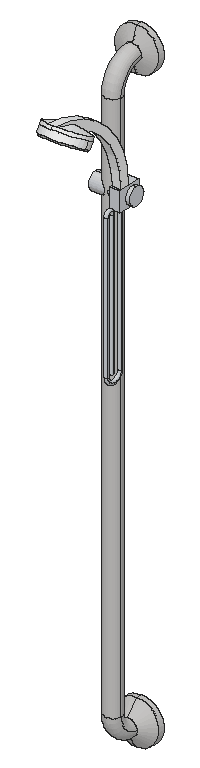
Revit family
Parameters
  Weight Limit = 0
  Warranty Duration (Years) = 0
  Unit Weight = 5.58
  Unit Height = 3' - 8 1/8"
  URL = "http://www.pontegiulio.com"
  Trim Radius = 0' - 1 5/8"
  Specification = "http://www.arcat.com/sd/clients/pontegiu.html?coid=43483"
  Send Message = "http://www.arcat.com/users.pl?action=UserEmail&company=Ponte%20Giulio&coid=43483&rep=132&fax=877-766-8306&mf="
  Sales Information = "http://www.pontegiulio.it/us/info.php"
  Revision = "R1_01-2010"
  Return Radius = 0' - 1 9/16"
  Product Properties = "http://www.pgdb.it/schede/us/G02JOSxx01_us.pdf"
  Product Data = "http://www.arcat.com/arcatcos/cos43/arc43483.html"
  Model = "Grab Bar as Specified in 10 28 13"
  Manufacturer's Notes = ""
  Manufacturer Website = "http://www.pontegiulio.com"
  Manufacturer Phone - Toll Free = "877-766-8301 "
  Manufacturer Fax = "877-766-8306"
  Manufacturer Address = "W241 S4021 Rockwood Circle, Waukesha, WI 53189"
  Manufacturer = "Ponte Giulio"
  Maintenance Schedule (Months) = 0
  Keynote = "10 28 13"
  Installation-Fabrication = ""
  Installation Phase = ""
  Green Building-LEED = "http://www.arcat.com/green/clients/leed_data_43483.html"
  Expected Lifespan (Years) = 0
  Drawn By = "Robert S. Weygant, CSI, CDT, SCIP"
  Diameter = 0' - 1 5/16"
  Description = "Grab Bar as Specified in 10 28 13"
  Default Elevation = 2' - 0"
  Copyright = "2010 ARCAT, Inc"
  Construction Details = ""
  Clear Space From Wall = 0' - 2 5/8"
  Building Codes = ""
  Bath Fixture Material [instance] = Colour - N1 - Stainless Steel
  Assembly Code = "C1030200"
  AK_Include Optional Component - Y91JOSN108 Shower Head = yes
  AK_Include Optional Component - Y91JOSN107 Flex Hose = yes
  AK_Hand Shower Holder Finish = none
  AK_Flex Hose Finish = none
  AK_Code Compliance = "UNI"
Reference planes (in)
  plane 1 "Center (Front/Back)": y = 0
  plane 2: z = 0
  plane 3 "Center (Left/Right)": x = 0
  plane 4: y = -3.25
  plane 5: y = -2
  plane 6 "Center Elevation": z = 24
  plane 7: z = 68.125
  plane 8: x = -1.25
  plane 9: x = 1.75
  plane 10: x = 0.65728
  plane 11: z = 60.82175
  plane 12: z = 59.32175
  plane 13: y = -2.625
Forms (in)
  Sweep 1, solid, material "Colour - N1 - Stainless Steel" <- "Bath Fixture Material"
    path origin (0, 0, 24) x (0, 0, 1) y (0, 1, 0)
      loop
        line (0, 0) -> (0, -1.0625)
        arc (0, -1.0625) -> (0.45765, -2.16735) -> (1.5625, -2.625) r 1.5625
        line (1.5625, -2.625) -> (42.15625, -2.625)
        arc (42.15625, -2.625) -> (43.54837, -2.04837) -> (44.125, -0.65625) r 1.96875
        line (44.125, -0.65625) -> (44.125, 0)
    profile origin (0, -0.53125, 24) x (0, 0, 1) y (-1, 0, 0)
      loop
        circle (0, 0) r 0.625
  Revolve 2, solid, material "Colour - N1 - Stainless Steel" <- "Bath Fixture Material"
    sketch origin (0, 0, 24) x (0, 0, 1) y (0, 1, 0)
      loop
        line (0, 0) -> (0, -1.21875) -> (0.625, -1.21875) -> (1.625, -0.40625) -> (1.625, 0) -> (0, 0)
      axis (0, -1.21875) -> (0, 0)
    angle from 0 to 360
  Revolve 3, solid, material "Colour - N1 - Stainless Steel" <- "Bath Fixture Material"
    sketch origin (0, 0, 72) x (0, 0, 1) y (0, 1, 0)
      loop
        line (-3.875, 0) -> (-3.875, -0.8125) -> (-3.25, -0.8125) -> (-2.25, -0.40625) -> (-2.25, 0) -> (-3.875, 0)
      axis (-3.875, -0.8125) -> (-3.875, 0)
    angle from 0 to 360
  Extrusion 4, solid, material <- "AK_Hand Shower Holder Finish"
    sketch origin (0, 0, 0) x (0, 1, 0) y (0, 0, 1)
      loop
        circle (-2.62384, 60.07175) r 0.625
    from -1.25 to 1.75
  Extrusion 5, solid, material <- "AK_Hand Shower Holder Finish"
    sketch origin (0.00103, 0, 59.32175) x (1, 0, 0) y (0, 1, 0)
      loop
        line (0.65625, -3.71875) -> (1.40625, -3.71875) -> (1.40625, -1.96875) -> (0.65625, -1.96875) -> (0.65625, -3.71875)
    from 0 to 1.5
  Extrusion 6, solid, material "Default", visible <- "AK_Include Optional Component - Y91JOSN108 Shower Head"
    sketch origin (-4.125, 47.01545, 34.01209) x (1, 0, 0) y (0, -0.866025, 0.5)
      loop
        circle (5.21142, 64.05902) r 1.5
    from 0 to 0.125
  Extrusion 7, solid, material "Chrome", visible <- "AK_Include Optional Component - Y91JOSN108 Shower Head"
    sketch origin (0.75, 1.75223, 0) x (0, 1, 0) y (0, 0, 1)
      loop
        arc (-4.71875, 60.82175) -> (-6.61271, 65.47709) -> (-11.21875, 67.48799) r 6.66836
        line (-11.21875, 67.48799) -> (-8.45829, 65.89424) -> (-8.10198, 65.89424)
        arc (-8.10198, 65.89424) -> (-6.0779, 63.7087) -> (-5.34375, 60.82175) r 6.04336
        line (-5.34375, 60.82175) -> (-4.71875, 60.82175)
    from 0 to 0.625
  Extrusion 8, solid, material "Chrome", visible <- "AK_Include Optional Component - Y91JOSN108 Shower Head"
    sketch origin (-4.125, 47.26545, 34.4451) x (1, 0, 0) y (0, -0.866025, 0.5)
      loop
        circle (5.21142, 64.05902) r 1.59375
    from 0 to 0.5
  Revolve 9, solid, material "Chrome", visible <- "AK_Include Optional Component - Y91JOSN108 Shower Head"
    sketch origin (1.0625, 1.62723, -0.21651) x (0, 1, 0) y (0, 0, 1)
      loop
        line (-9.83852, 66.69111) -> (-8.45829, 65.89424) -> (-8.33329, 66.11075) -> (-9.31309, 67.10118) -> (-9.5296, 67.22618) -> (-9.83852, 66.69111)
      axis (-9.83852, 66.69111) -> (-9.5296, 67.22618)
    angle from 0 to 360
  Sweep 10, solid, material <- "AK_Flex Hose Finish", visible <- "AK_Include Optional Component - Y91JOSN107 Flex Hose"
    path origin (1.0625, 0, 0) x (0, 1, 0) y (0, 0, 1)
      loop
        line (-3.27902, 60.82175) -> (-3.27902, 48.82175)
        arc (-3.27902, 48.82175) -> (-3.90402, 48.19675) -> (-4.52902, 48.82175) r 0.625
        line (-4.52902, 48.82175) -> (-4.52902, 59.32175)
        arc (-4.52902, 59.32175) -> (-4.27902, 59.57175) -> (-4.02902, 59.32175) r 0.25
        line (-4.02902, 59.32175) -> (-4.02902, 48.82175)
    profile origin (1.0625, -3.27902, 54.82175) x (1, 0, 0) y (0, 1, 0)
      loop
        circle (0, -0.00223) r 0.125
Dimensions and locks (in)
  plane 4 to plane 1 "Center (Front/Back)" = 0' - 3 1/4"
  plane 5 to plane 1 "Center (Front/Back)" = 0' - 2"
  Sweep 1 sketch curve to Sweep 1 sketch curve = 0' - 1 1/4"
  locked: plane 7 to plane 6 "Center Elevation" at 44.125
  locked: plane 11 to plane 7 at 7.30325
  locked: plane 12 to plane 11 at 1.5
  locked: Revolve 3 sketch curve to Revolve 3 sketch curve at 0.8125
  equal spacing: plane 5, plane 13, plane 4, locked at 0.625 each
  "Clear Space From Wall": plane 13 to plane 1 "Center (Front/Back)"
  aligned and locked: Extrusion 4 to plane 8
  aligned and locked: plane 9 to Extrusion 4
  aligned and locked: Extrusion 5 to plane 11
  aligned and locked: plane 12 to Extrusion 5
  aligned and locked: plane 13 to Sweep 1 sketch curve
Automatic sketch dimensions
  Sweep 1 sketch curve to Sweep 1 sketch curve = 0' - 0"  (x2)
  Sweep 1 sketch curve to profile plane = 0' - 0"  (x2)
  Sweep 1 sketch curve to profile plane = 0' - 0 5/8"
  Revolve 2 sketch curve to plane 6 "Center Elevation" = 0' - 0"  (x2)
  Revolve 2 sketch curve to plane 1 "Center (Front/Back)" = 0' - 0"
  Revolve 2 sketch curve to Revolve 2 sketch curve = 0' - 0 5/8"
  Revolve 2 sketch curve to Revolve 2 sketch curve = 0' - 1"
  plane 1 "Center (Front/Back)" to Revolve 2 sketch curve = 0' - 0 13/32"
  plane 5 to Revolve 2 sketch curve = 0' - 0 25/32"
  Revolve 2 sketch curve to plane 4 = 8' - 3.87507"
  Revolve 2 sketch curve to Revolve 2 sketch curve = 2' - 0"
  Revolve 3 sketch curve to plane 7 = 0' - 0"  (x2)
  Revolve 3 sketch curve to plane 1 "Center (Front/Back)" = 0' - 0"
  Revolve 3 sketch curve to Revolve 3 sketch curve = 0' - 0 5/8"
  plane 1 "Center (Front/Back)" to Revolve 3 sketch curve = 0' - 0 13/32"
  Revolve 3 sketch curve to Revolve 3 sketch curve = 0' - 1"
  Revolve 3 sketch curve to plane 4 = 8' - 3.87507"
  Revolve 3 sketch curve to Revolve 3 sketch curve = 2' - 0"
  Extrusion 4 sketch curve to Extrusion 4 sketch curve = 0' - 0"  (x2)
  plane 13 to Extrusion 4 sketch curve = 0' - 0.00116"
  Extrusion 4 sketch curve to plane 12 = 0' - 0 1/8"
  Extrusion 4 sketch curve to Extrusion 4 sketch curve = 0' - 0 5/8"
  Extrusion 5 sketch curve to plane 10 = 0' - 0"
  plane 5 to Extrusion 5 sketch curve = 0' - 0 1/32"
  Extrusion 5 sketch curve to plane 9 = 0' - 0.34272"
  Extrusion 5 sketch curve to plane 4 = 0' - 0 15/32"
  Extrusion 6 sketch curve to plane 10 = 0' - 0.42914"
  Extrusion 7 sketch curve to Extrusion 7 sketch curve = 0' - 0"  (x2)
  Extrusion 7 sketch curve to plane 11 = 0' - 0"
  Extrusion 7 sketch curve to plane 4 = 0' - 6.38488"
  plane 7 to Extrusion 7 sketch curve = 0' - 0.63701"
  Extrusion 7 sketch curve to plane 4 = 0' - 6.21652"
  Extrusion 7 sketch curve to Extrusion 7 sketch curve = 0' - 2.76046"
  Extrusion 7 sketch curve to Extrusion 7 sketch curve = 0' - 0.35632"
  Extrusion 7 sketch curve to plane 4 = 0' - 0.34152"
  Extrusion 8 sketch curve to plane 10 = 0' - 0.42914"
  plane 7 to Revolve 9 sketch curve = 0' - 1.65039"  (x2)
  Revolve 9 sketch curve to plane 4 = 0' - 4.96129"
  Revolve 9 sketch curve to Revolve 9 sketch curve = 0' - 0"
  plane 7 to Revolve 9 sketch curve = 0' - 1.11532"
  Revolve 9 sketch curve to Revolve 9 sketch curve = 0' - 0.30892"
  plane 7 to Revolve 9 sketch curve = 0' - 1.24032"
  Revolve 9 sketch curve to plane 7 = 0' - 0.15193"
  Revolve 9 sketch curve to Revolve 9 sketch curve = 0' - 0.73165"
  plane 7 to Revolve 9 sketch curve = 0' - 2.44727"
  plane 7 to Revolve 9 sketch curve = 0' - 2.23076"
  Sweep 10 sketch curve to plane 12 = 0' - 0"
  Sweep 10 sketch curve to plane 11 = 0' - 0"
  Sweep 10 sketch curve to plane 4 = 0' - 1.27902"
  Sweep 10 sketch curve to Sweep 10 sketch curve = 0' - 0 1/4"
  Sweep 10 sketch curve to Sweep 10 sketch curve = 0' - 0 1/8"
  Sweep 10 sketch curve to Sweep 10 sketch curve = 0' - 10 1/2"
  Sweep 10 sketch curve to Sweep 10 sketch curve = 0' - 0"
  Sweep 10 sketch curve to profile plane = 0' - 0"
  profile plane to Sweep 10 sketch curve = 0' - 0.00223"
  Sweep 1 sketch curve to plane 6 "Center Elevation" = 0' - 0"
  Sweep 1 sketch curve to plane 7 = 0' - 0"
  Sweep 1 sketch curve to plane 1 "Center (Front/Back)" = 0' - 0"  (x2)
  Sweep 1 sketch curve to plane 6 "Center Elevation" = 0' - 1 9/16"
  plane 1 "Center (Front/Back)" to Sweep 1 sketch curve = 0' - 0 21/32"
  radius of Extrusion 6 sketch curve = 0' - 1 1/2"
  radius of Extrusion 8 sketch curve = 0' - 1 19/32"
  radius of Sweep 10 sketch curve = 0' - 0 1/8"
